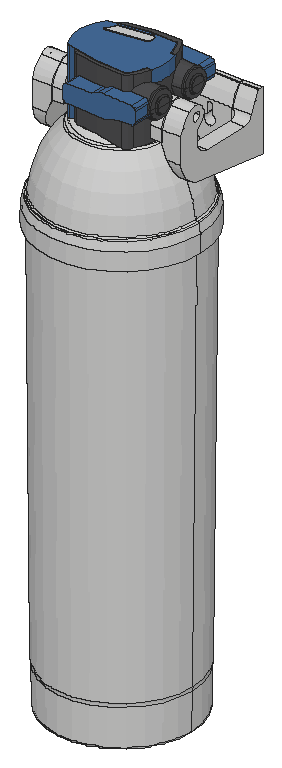
Revit family "DefaultType", category Specialty Equipment, Revit 2018
Family settings
  Round Connector Dimension = Use Diameter
  Part Type = Normal
  OmniClass Number = 23.40.40.14.24
  OmniClass Title = Food Dispensing Equipment
  Work Plane-Based = No
  Always vertical = Yes
  Cut with Voids When Loaded = No
  Shared = No
  Room Calculation Point = No
Parameters (values of type "DefaultType")
  Width = 0' - 5 55/64"  # constant formula
  Weight in Pounds = 10.14
  Wall Bracket Location [instance] = if(Wall Bracket, 0' 0 15/16", 0' 0")  # 0' - 0 15/16"
  Wall Bracket [instance] = yes
  URL Cutsheet = "www.vivreauwater.com/purity_c_quell_st_spec-sheet"
  URL = "www.vivreauwater.com/professional-filters"
  Status = ""
  Specification by User [instance] = ""
  Specification by Manufacturer = "Purity C Quell ST 500 water filtration kit, includes filter head, mount and filter cartridge. Capacity of 1796 gallons for coffee, espresso, vending.   Max operating pressure 125 psi, water intake temp 39-86 degrees Fahrenheit, Nominal flow (pressure loss at nominal flow) 100 I/h 7.3 PSI.   Dimensions w/d/h with filter head 5.6/5.6/21.9in, weight dry/wet 10.1/15.2lbs,  connection G3/8”, position horizontal and vertical.  Technology, decarbonization.  Systematic filter system, pre-filter, carbonate hardness reduction, activated carbon filtration and fine filtration."
  Serial Number [instance] = ""
  Seismic Rating = ""
  SMACNA No = ""
  Revision Code = ""
  Plumbing Remarks = ""
  Plumbing Connection Type = "NPT"
  NAFEM Spec ID Number = ""
  Mounting Height [instance] = 3' - 0"
  Model = "PURITY C500 Quell ST"
  Masterspec = "Division 11"
  Manufacturer = "Vivreau"
  KCLRef = "KCL2C9,,771d8260-597c-45c0-9240-d511d8195fca,VI,PURITY C500 QUELL ST,637475599540000000,03d9c20a-06af-47e9-8f5d-10389a898645,25670977-c246-4a96-89ca-52331086d934"
  KCL SpecSheet URL = "http://kclweb.kclcad.com/imagehandler.ashx?kdoc=mfr_purity%20c_quell_st_specs&R=VI&M=PURITY%20C500%20QUELL%20ST&VC=7&TID=KCLWeb&T=doc"
  Item Number [instance] = ""
  Installed By [instance] = ""
  Identify Quantity as Lot = yes
  Height = 1' - 9 197/256"  # constant formula
  Furnished By [instance] = ""
  Foodservice Equipment Identifier = yes
  Description = "Water Filter"
  Depth = 0' - 5 221/256"  # constant formula
  Cold Water Temperature Recommended = 40 °F
  Cold Water Size = 1/2"
  Cold Water RI Height = 0' - 0"
  Cold Water Minimum Pressure = 29.00 psi
  Cold Water Maximum Pressure = 124.00 psi
  Cold Water Flow = 0.440 GPM
  Cold Water Connection Height = 1' - 9"
  CSI MasterFormat = "11 46 00"
  Assembly Code = "E1090320"
Reference planes (in)
  plane 1 "BACK": y = 0
  plane 2 "REF. LAYER": z = 0
  plane 3 "Center (Left/Right)": x = 2.125
  plane 4 "Center (Front/Back)": y = -2.125
  plane 5 "Center (Bottom/Top)": z = 47.29316
  plane 6 "Center F/C": z = 57.76953
  plane 7 "Center F/G": z = 55.95224
  plane 8 "Center F/I": z = 56.86797
  plane 9 "Center F/J": x = 4.31004
  plane 10 "Center F/K": y = 0.9375
  plane 11 "Center F/S": z = 36
  plane 12 "Center F/T": x = -0.80556
  plane 13 "Center F/U": x = 5.05382
  plane 14 "Center F/V": y = -5.05612
  plane 15 "Center F/W": y = 0.80717
Forms (in)
  Revolve 1, solid, material "QF_Plastic-Grey-Vivreau"
    sketch origin (0, -2.125, 0) x (1, 0, 0) y (0, 0, 1)
      loop
        arc (2.12444, 36.23045) -> (3.38956, 36.25642) -> (4.59798, 36.63181) r 4.52345
        line (4.59798, 36.63181) -> (4.59798, 36.02069)
        arc (4.59798, 36.02069) -> (4.60404, 36.00606) -> (4.61867, 36) r 0.02069
        line (4.61867, 36) -> (4.70235, 36)
        arc (4.70235, 36) -> (4.71703, 36.00604) -> (4.7232, 36.02067) r 0.02085
        line (4.7232, 36.02067) -> (4.73499, 37.37156)
        arc (4.73499, 37.37156) -> (4.74215, 37.44281) -> (4.76216, 37.51157) r 0.39196
        line (4.76216, 37.51157) -> (4.88652, 51.95047) -> (5.05382, 51.95047) -> (5.04822, 52.59214) -> (4.96637, 52.8976)
        arc (4.96637, 52.8976) -> (4.95231, 52.91865) -> (4.92834, 52.92678) r 0.03937
        line (4.92834, 52.92678) -> (4.89246, 52.92678)
        arc (4.89246, 52.92678) -> (4.86528, 52.93767) -> (4.85313, 52.96431) r 0.03937
        arc (4.85313, 52.96431) -> (4.53924, 54.20428) -> (3.80842, 55.25402) r 3.57005
        arc (3.80842, 55.25402) -> (3.78071, 55.28126) -> (3.75272, 55.30821) r 3.6804
        arc (3.75272, 55.30821) -> (3.71893, 55.3366) -> (3.68187, 55.36057) r 0.35433
        arc (3.68187, 55.36057) -> (3.5672, 55.42144) -> (3.44977, 55.47679) r 2.72835
        line (3.44977, 55.47679) -> (3.02328, 55.47679) -> (3.02328, 55.95224) -> (2.12444, 55.95224) -> (2.12444, 36.23045)
      axis (2.12444, 55.95224) -> (2.12444, 36)
    angle from 0 to 360
Lines and regions (in)
  symbolic lines
    curve 1: arc (-0.58802, -1.01552, 0) -> (2.12941, -5.05611, 0) -> (4.83467, -1.00736, 0) r 2.93112
    curve 2: arc (0.66677, 0.41764, 0) -> (0.46868, 0.29327, 0) -> (0.28114, 0.15351, 0) r 2.93112
    curve 3: arc (3.96719, 0.15486, 0) -> (3.78043, 0.29388, 0) -> (3.58323, 0.41764, 0) r 2.93112
Dimensions and locks (in)
  plane 4 "Center (Front/Back)" to plane 1 "BACK" = 0' - 2 1/8"
  plane 8 "Center F/I" to plane 7 "Center F/G" to plane 5 "Center (Bottom/Top)" to plane 11 "Center F/S" = 0' - 0.91573" locked, 0' - 8.65907" locked, 0' - 11.29316" locked
  "Wall Bracket Location": plane 1 "BACK" to plane 10 "Center F/K"
  "Height": plane 6 "Center F/C" to plane 11 "Center F/S"
  "Mounting Height": plane 11 "Center F/S" to plane 2 "REF. LAYER"
  "Depth": plane 15 "Center F/W" to plane 14 "Center F/V"
  "Width": plane 12 "Center F/T" to plane 13 "Center F/U"
  aligned and locked: level to plane 2 "REF. LAYER"
  aligned and locked: plane 10 "Center F/K" to nested 2
  aligned and locked: plane 4 "Center (Front/Back)" to nested 1
  aligned and locked: plane 7 "Center F/G" to Revolve 1 sketch curve
  aligned and locked: plane 11 "Center F/S" to Revolve 1 sketch curve
Automatic sketch dimensions
  Revolve 1 sketch curve to plane 3 "Center (Left/Right)" = 0' - 0.91066"
  Revolve 1 sketch curve to Revolve 1 sketch curve = 0' - 0.07695"
  Revolve 1 sketch curve to plane 3 "Center (Left/Right)" = 0' - 0.00056"  (x2)
  plane 3 "Center (Left/Right)" to Revolve 1 sketch curve = 0' - 0.22066"
  plane 3 "Center (Left/Right)" to Revolve 1 sketch curve = 0' - 0.54005"
  Revolve 1 sketch curve to plane 7 "Center F/G" = 0' - 0.47545"
  plane 3 "Center (Left/Right)" to Revolve 1 sketch curve = 0' - 0.89828"
  Revolve 1 sketch curve to Revolve 1 sketch curve = 0' - 0.42649"
  Revolve 1 sketch curve to Revolve 1 sketch curve = 0' - 0.05856"
  plane 9 "Center F/J" to Revolve 1 sketch curve = 0' - 0.28794"
  plane 11 "Center F/S" to Revolve 1 sketch curve = 0' - 0.02069"
  Revolve 1 sketch curve to Revolve 1 sketch curve = 0' - 0.08369"
  plane 11 "Center F/S" to Revolve 1 sketch curve = 0' - 0.02067"
  Revolve 1 sketch curve to Revolve 1 sketch curve = 0' - 0.02085"
  plane 9 "Center F/J" to Revolve 1 sketch curve = 0' - 0.42495"
  Revolve 1 sketch curve to Revolve 1 sketch curve = 0' - 0.02717"
  plane 13 "Center F/U" to Revolve 1 sketch curve = 0' - 0.16729"
  plane 13 "Center F/U" to Revolve 1 sketch curve = 0' - 0.16136"
  Revolve 1 sketch curve to Revolve 1 sketch curve = 0' - 0.03588"
  Revolve 1 sketch curve to Revolve 1 sketch curve = 0' - 0.03803"
  plane 13 "Center F/U" to Revolve 1 sketch curve = 0' - 0.0056"
  plane 13 "Center F/U" to Revolve 1 sketch curve = 0' - 0"
  Revolve 1 sketch curve to plane 13 "Center F/U" = 0' - 0.07312"
  plane 11 "Center F/S" to Revolve 1 sketch curve = 0' - 0.23045"
  Revolve 1 sketch curve to Revolve 1 sketch curve = 0' - 0.61112"
  Revolve 1 sketch curve to Revolve 1 sketch curve = 0' - 0.73632"
  Revolve 1 sketch curve to Revolve 1 sketch curve = 0' - 0.00344"
  Revolve 1 sketch curve to Revolve 1 sketch curve = 0' - 0.64166"
  Revolve 1 sketch curve to plane 7 "Center F/G" = 0' - 3.30897"
  Revolve 1 sketch curve to Revolve 1 sketch curve = 0' - 0.0791"
  Revolve 1 sketch curve to Revolve 1 sketch curve = 0' - 0.29528"
  Revolve 1 sketch curve to Revolve 1 sketch curve = 0' - 0.01019"
  Revolve 1 sketch curve to Revolve 1 sketch curve = 0' - 0.03937"
  Revolve 1 sketch curve to Revolve 1 sketch curve = 0' - 0.25946"
  Revolve 1 sketch curve to Revolve 1 sketch curve = 0' - 0.42514"
  Revolve 1 sketch curve to Revolve 1 sketch curve = 0' - 0"  (x3)
  Revolve 1 sketch curve to Revolve 1 sketch curve = 0' - 0.0557"
  Revolve 1 sketch curve to Revolve 1 sketch curve = 0' - 0.99634"
  Revolve 1 sketch curve to Revolve 1 sketch curve = 0' - 0 3/4"
  curve 1 to curve 2 = 0' - 0"  (x2)
  curve 1 to curve 3 = 0' - 0"  (x2)
  curve 2 to curve 3 = 0' - 0"  (x2)
  curve 1 to plane 3 "Center (Left/Right)" = 0' - 0"
  plane 4 "Center (Front/Back)" to curve 2 = 0' - 0"
  curve 2 to plane 1 "BACK" = 0' - 0.41764"
  curve 2 to plane 3 "Center (Left/Right)" = 0' - 1.45823"
  curve 2 to plane 1 "BACK" = 0' - 0.15351"
  plane 12 "Center F/T" to curve 1 = 0' - 0.21753"
  curve 3 to plane 9 "Center F/J" = 0' - 0.72681"
  curve 3 to plane 1 "BACK" = 0' - 0.15486"
  curve 3 to plane 9 "Center F/J" = 0' - 0.34285"
  plane 13 "Center F/U" to curve 1 = 0' - 0.21915"
  plane 1 "BACK" to curve 1 = 0' - 1.01552"
Nested families (in)
  nested 1: "QF_Vivreau_ Filter Head_C500" at (0.56167, -0.22503, 0), Mounting Height <- "Mounting Height", type "QF_Vivreau_ Filter Head_C500"
    with Specification by User "", Serial Number "", Mounting Height 3' - 0", Installed By "", Furnished By ""
  nested 2: "QF_Vivreau_Wall Bracket_C500" at (-0.61927, 0.9375, 0), Mounting Height <- "Mounting Height", visible <- "Wall Bracket", type "QF_Vivreau_Wall Bracket_C500"
    with Specification by User "", Serial Number "", Mounting Height 3' - 0", Installed By "", Furnished By ""
Connectors (in)
  piping at (4.31004, -2.9124, 56.91406), diameter 0.5, driven by "Cold Water Size", driven by "Cold Water Flow"
    settings: on nested 1, index 1, connector inside diameter 24", connector length 0' - 0", flow factor 0, pipe flow 0.440 GPM, pressure drop 0.00 psi, fitting loss kfactor 0, connector angle 0.00°, fixture units 0, engagement length 0' - 0", angle of deflection 0.00°, flow configuration 1, flow direction 1, fitting loss method 0, system type 20, joint type 0, gender type 0, connector reference index -1, connector utility 0, adjustable connector no, is connector primary yes, connector description "Cold Water"
Definition of nested family "QF_Vivreau_ Filter Head_C500"
  Parameters (values of type "QF_Vivreau_ Filter Head_C500")
    Width = 3' - 0"
    Weight in Pounds = 0
    URL Cutsheet = ""
    Status = ""
    Specification by User [instance] = ""
    Specification by Manufacturer = ""
    Serial Number [instance] = ""
    Seismic Rating = ""
    SMACNA No = ""
    Revision Code = ""
    NAFEM Spec ID Number = ""
    Mounting Height [instance] = 3' - 0"
    Masterspec = ""
    Installed By [instance] = ""
    Identify Quantity as Lot = yes
    Height = 3' - 0"
    Furnished By [instance] = ""
    Foodservice Equipment Identifier = yes
    Depth = 3' - 0"
    CSI MasterFormat = ""
  Reference planes (in)
    plane 1 "BACK": y = 0
    plane 2 "REF. LAYER": z = 0
    plane 3 "LEFT": x = 0
    plane 4 "Center F/C": x = 3.74837
    plane 5 "Center F/D": y = -3.83618
    plane 6 "Center F/E": z = 56.91406
    plane 7 "Center F/F": z = 57.76895
    plane 8 "Center F/G": z = 55.34513
    plane 9 "Center F/H": z = 56.44072
    plane 10 "Center F/I": z = 57.26882
    plane 11 "Center F/J": y = -1.89997
    plane 12 "Center F/P": z = 36
    plane 13 "Center F/Q": z = 57.62614
  Forms (in)
    Extrusion 1, solid
      sketch origin (-0.56167, 0.22503, 0) x (1, 0, 0) y (0, 1, 0)
        loop
          arc (3.17939, -3.30146) -> (3.22697, -3.28602) -> (3.25911, -3.24769) r 0.09059
          arc (3.25911, -3.24769) -> (3.55796, -2.125) -> (3.25911, -1.00231) r 2.25819
          arc (3.25911, -1.00231) -> (3.22697, -0.96398) -> (3.17939, -0.94854) r 0.09059
          arc (3.17939, -0.94854) -> (2.02567, -0.99526) -> (0.89165, -1.21272) r 7.75678
          arc (0.89165, -1.21272) -> (0.86179, -1.21999) -> (0.83702, -1.2382) r 0.07824
          arc (0.83702, -1.2382) -> (0.56167, -2.125) -> (0.83702, -3.0118) r 1.56569
          arc (0.83702, -3.0118) -> (0.86179, -3.03001) -> (0.89165, -3.03728) r 0.07824
          arc (0.89165, -3.03728) -> (2.02567, -3.25474) -> (3.17939, -3.30146) r 7.75678
      from 55.34513 to 57.76895
    Revolve 2, solid
      sketch origin (-16.04659, -180, 56.91406) x (-1, 0, 0) y (0, -1, 0)
        loop
          line (-19.59812, -178.88743) -> (-18.72075, -178.88743) -> (-18.7668, -178.36111) -> (-19.59812, -178.37562) -> (-19.59812, -178.88743)
        axis (-18.72075, -178.88743) -> (-19.59812, -178.88743)
      angle from 0 to 360
    Revolve 3, solid
      sketch origin (-16.04659, -180, 56.91406) x (-1, 0, 0) y (0, -1, 0)
        loop
          line (-19.59812, -177.31262) -> (-18.72075, -177.31262) -> (-18.7668, -176.7863) -> (-19.59812, -176.80081) -> (-19.59812, -177.31262)
        axis (-18.72075, -177.31262) -> (-19.59812, -177.31262)
      angle from 0 to 360
    Extrusion 4, void
      sketch origin (-0.56167, 0.22503, 0) x (0, 1, 0) y (0, 0, 1)
        loop
          circle (-2.125, 56.38257) r 0.20757
      from 3.17075 to 3.70744
    Extrusion 5, void
      sketch origin (-2.8954, 0.22503, 0) x (0, 1, 0) y (0, 0, 1)
        loop
          circle (-2.125, 56.38257) r 0.20757
      from 2.77402 to 3.28855
    Revolve 6, solid
      sketch origin (-16.04659, -180, 56.91406) x (-1, 0, 0) y (0, -1, 0)
        loop
          line (-19.59812, -178.88743) -> (-19.59812, -178.41499) -> (-19.69654, -178.41499) -> (-19.69654, -178.58034) -> (-19.73591, -178.58379) -> (-19.73591, -178.63349) -> (-19.79497, -178.63349) -> (-19.79497, -178.88743) -> (-19.59812, -178.88743)
        axis (-19.59812, -178.88743) -> (-19.79497, -178.88743)
      angle from 0 to 360
    Revolve 7, solid
      sketch origin (-16.04659, -180, 56.91406) x (-1, 0, 0) y (0, -1, 0)
        loop
          line (-19.59812, -177.31262) -> (-19.59812, -176.84018) -> (-19.69654, -176.84018) -> (-19.69654, -177.00554) -> (-19.73591, -177.00898) -> (-19.73591, -177.05869) -> (-19.79497, -177.05869) -> (-19.79497, -177.31262) -> (-19.59812, -177.31262)
        axis (-19.59812, -177.31262) -> (-19.79497, -177.31262)
      angle from 0 to 360
    Extrusion 8, solid
      sketch origin (0, 0, 0) x (0, 1, 0) y (0, 0, 1)
        loop
          circle (-1.89997, 56.38257) r 0.20757
        loop
          circle (-1.89997, 56.38257) r 0.14507
      from 2.60908 to 3.01441
    Extrusion 9, solid
      sketch origin (-2.62125, 0, 0) x (0, 1, 0) y (0, 0, 1)
        loop
          circle (-1.89997, 56.38257) r 0.20757
        loop
          circle (-1.89997, 56.38257) r 0.14507
      from 2.60908 to 3.01441
    Extrusion 10, solid
      sketch origin (0, 0, 17.66797) x (1, 0, 0) y (0, 1, 0)
        loop
          arc (2.61773, -0.72352) -> (2.65703, -0.73399) -> (2.68778, -0.7606) r 0.09059
          arc (2.68778, -0.7606) -> (2.99629, -1.89997) -> (2.68778, -3.03935) r 2.25819
          arc (2.68778, -3.03935) -> (2.65703, -3.06596) -> (2.61773, -3.07643) r 0.09059
          arc (2.61773, -3.07643) -> (1.60555, -3.04475) -> (0.60613, -2.88147) r 7.75678
          arc (0.60613, -2.88147) -> (0.72009, -2.98959) -> (0.8462, -3.08325) r 1.30616
          arc (0.8462, -3.08325) -> (1.72654, -3.2138) -> (2.6163, -3.23254) r 7.05821
          arc (2.6163, -3.23254) -> (2.77551, -3.16312) -> (2.87152, -3.01839) r 0.30684
          arc (2.87152, -3.01839) -> (3.18694, -1.89997) -> (2.87152, -0.78156) r 2.14057
          arc (2.87152, -0.78156) -> (2.77551, -0.63683) -> (2.6163, -0.5674) r 0.30684
          arc (2.6163, -0.5674) -> (1.72654, -0.58614) -> (0.8462, -0.7167) r 7.05821
          arc (0.8462, -0.7167) -> (0.72009, -0.81036) -> (0.60613, -0.91847) r 1.30616
          arc (0.60613, -0.91847) -> (1.60555, -0.7552) -> (2.61773, -0.72352) r 7.75678
      from 37.67716 to 40.10098
    Extrusion 11, void
      sketch origin (0, 0, 17.66797) x (1, 0, 0) y (0, 1, 0)
        loop
          arc (2.92876, -1.35185) -> (2.99629, -1.89997) -> (2.92876, -2.4481) r 2.25819
          line (2.92876, -2.4481) -> (3.11557, -2.4481)
          arc (3.11557, -2.4481) -> (3.18694, -1.89997) -> (3.11557, -1.35185) r 2.14057
          line (3.11557, -1.35185) -> (2.92876, -1.35185)
      from 40.10098 to 39.60085
    Extrusion 12, solid
      sketch origin (0, 0, 14.25781) x (1, 0, 0) y (0, 1, 0)
        loop
          arc (0.70049, -1.02146) -> (0.59462, -1.21203) -> (0.51669, -1.41563) r 1.54109
          arc (0.51669, -1.41563) -> (0.54, -1.44367) -> (0.57618, -1.44818) r 0.04958
          arc (0.57618, -1.44818) -> (1.21574, -1.31536) -> (1.86503, -1.24405) r 6.85047
          arc (1.86503, -1.24405) -> (2.03249, -1.03201) -> (1.82552, -0.85833) r 0.19395
          arc (1.82552, -0.85833) -> (1.26009, -0.91975) -> (0.70049, -1.02146) r 7.94315
      from 43.36833 to 43.51113
    Extrusion 13, solid
      sketch origin (0, 0, 17.66797) x (1, 0, 0) y (0, 1, 0)
        loop
          arc (3.11557, -2.4481) -> (3.18694, -1.89997) -> (3.11557, -1.35185) r 2.14057
          line (3.11557, -1.35185) -> (2.92876, -1.35185)
          arc (2.92876, -1.35185) -> (2.99629, -1.89997) -> (2.92876, -2.4481) r 2.25819
          line (2.92876, -2.4481) -> (3.11557, -2.4481)
      from 39.60085 to 40.10098
    Extrusion 14, void
      sketch origin (0, 0, 14.75) x (1, 0, 0) y (0, 1, 0)
        loop
          arc (0.57618, -1.44818) -> (1.21574, -1.31536) -> (1.86503, -1.24405) r 6.85047
          arc (1.86503, -1.24405) -> (2.03249, -1.03201) -> (1.82552, -0.85833) r 0.19395
          arc (1.82552, -0.85833) -> (1.26009, -0.91975) -> (0.70049, -1.02146) r 7.94315
          arc (0.70049, -1.02146) -> (0.59462, -1.21203) -> (0.51669, -1.41563) r 1.54109
          arc (0.51669, -1.41563) -> (0.54, -1.44367) -> (0.57618, -1.44818) r 0.04958
      from 42.87614 to 43.01895
  Cuts and joins
    Extrusion 4, Extrusion 5, Extrusion 14 cuts Extrusion 1
    joined: Extrusion 1, Extrusion 13
    Extrusion 11 cuts Extrusion 10
  Lines and regions (in)
    symbolic lines
      curve 1: arc (0.32999, -2.81225, 0) -> (1.464, -3.02972, 0) -> (2.61773, -3.07643, 0) r 7.75678
      curve 2: arc (2.61773, -3.07643, 0) -> (2.6653, -3.061, 0) -> (2.69744, -3.02266, 0) r 0.09059
      curve 3: arc (2.69744, -3.02266, 0) -> (2.99629, -1.89997, 0) -> (2.69744, -0.77728, 0) r 2.25819
      curve 4: arc (2.69744, -0.77728, 0) -> (2.6653, -0.73895, 0) -> (2.61773, -0.72352, 0) r 0.09059
      curve 5: arc (2.61773, -0.72352, 0) -> (1.464, -0.77023, 0) -> (0.32999, -0.9877, 0) r 7.75678
      curve 6: arc (0.32999, -0.9877, 0) -> (0.30012, -0.99496, 0) -> (0.27535, -1.01317, 0) r 0.07824
      curve 7: arc (0.27535, -1.01317, 0) -> (0, -1.89997, 0) -> (0.27535, -2.78678, 0) r 1.56569
      curve 8: arc (0.27535, -2.78678, 0) -> (0.30012, -2.80499, 0) -> (0.32999, -2.81225, 0) r 0.07824
      curve 9: line (3.74837, -2.94131, 0) -> (3.68932, -2.94131, 0)
      curve 10: arc (0.85161, -0.6986, 0) -> (0.82653, -0.78661, 0) -> (0.80424, -0.87538, 0) r 2.89017
      curve 11: arc (0.85161, -0.6986, 0) -> (0.87512, -0.61425, 0) -> (0.90582, -0.53225, 0) r 1.0142
      curve 12: arc (0.90582, -0.53225, 0) -> (0.95826, -0.37458, 0) -> (1.01402, -0.21806, 0) r 7.87402
      curve 13: arc (1.01402, -0.21806, 0) -> (1.03304, -0.19156, 0) -> (1.06321, -0.17918, 0) r 0.05912
      curve 14: arc (1.06321, -0.17918, 0) -> (2.22788, -0.07327, 0) -> (3.39529, -0.1428, 0) r 7.79531
      curve 15: arc (3.39529, -0.1428, 0) -> (3.42859, -0.1583, 0) -> (3.44724, -0.18996, 0) r 0.0619
      curve 16: arc (3.44724, -0.18996, 0) -> (3.48188, -0.39473, 0) -> (3.50801, -0.60076, 0) r 5.02104
      curve 17: line (3.64995, -0.64013, 0) -> (3.55152, -0.64013, 0)
      curve 18: line (3.55152, -0.64013, 0) -> (3.55152, -0.60076, 0)
      curve 19: line (3.55152, -0.60076, 0) -> (3.50801, -0.60076, 0)
      curve 20: line (3.55152, -0.64013, 0) -> (3.55152, -1.62438, 0)
      curve 21: line (3.55152, -1.62438, 0) -> (2.98062, -1.63435, 0)
      curve 22: line (3.64995, -1.58501, 0) -> (3.55152, -1.58501, 0)
      curve 23: line (3.64995, -1.58501, 0) -> (3.64995, -0.64013, 0)
      curve 24: line (3.68932, -1.41621, 0) -> (3.64995, -1.41966, 0)
      curve 25: line (3.68932, -1.41621, 0) -> (3.68932, -0.80849, 0)
      curve 26: line (3.74837, -0.85864, 0) -> (3.68932, -0.85864, 0)
      curve 27: line (3.74837, -0.85864, 0) -> (3.74837, -1.36651, 0)
      curve 28: line (3.74837, -1.36651, 0) -> (3.68932, -1.36651, 0)
      curve 29: line (3.64995, -3.15982, 0) -> (3.55152, -3.15982, 0)
      curve 30: line (3.55152, -3.15982, 0) -> (3.55152, -3.19919, 0)
      curve 31: line (3.55152, -3.19919, 0) -> (3.50801, -3.19919, 0)
      curve 32: line (3.55152, -3.15982, 0) -> (3.55152, -2.17556, 0)
      curve 33: line (3.64995, -2.21493, 0) -> (3.55152, -2.21493, 0)
      curve 34: line (3.64995, -2.21493, 0) -> (3.64995, -3.15982, 0)
      curve 35: line (3.68932, -2.38373, 0) -> (3.64995, -2.38029, 0)
      curve 36: line (3.68932, -2.38373, 0) -> (3.68932, -2.99146, 0)
      curve 37: line (3.74837, -2.94131, 0) -> (3.68932, -2.94131, 0)
      curve 38: line (3.74837, -2.94131, 0) -> (3.74837, -2.43344, 0)
      curve 39: line (3.74837, -2.43344, 0) -> (3.68932, -2.43344, 0)
      curve 40: arc (0.85161, -3.10135, 0) -> (0.82653, -3.01334, 0) -> (0.80424, -2.92457, 0) r 2.89017
      curve 41: arc (0.85161, -3.10135, 0) -> (0.87512, -3.1857, 0) -> (0.90582, -3.2677, 0) r 1.0142
      curve 42: arc (0.90582, -3.2677, 0) -> (0.95826, -3.42537, 0) -> (1.01402, -3.58189, 0) r 7.87402
      curve 43: arc (1.01402, -3.58189, 0) -> (1.03304, -3.60839, 0) -> (1.06321, -3.62077, 0) r 0.05912
      curve 44: arc (1.06321, -3.62077, 0) -> (2.22788, -3.72667, 0) -> (3.39529, -3.65715, 0) r 7.79531
      curve 45: arc (3.39529, -3.65715, 0) -> (3.42859, -3.64164, 0) -> (3.44724, -3.60999, 0) r 0.0619
      curve 46: arc (3.44724, -3.60999, 0) -> (3.48188, -3.40522, 0) -> (3.50801, -3.19919, 0) r 5.02104
      curve 47: line (3.55152, -3.15982, 0) -> (3.55152, -3.19919, 0)
      curve 48: line (3.55152, -3.19919, 0) -> (3.50801, -3.19919, 0)
      curve 49: line (3.55152, -3.15982, 0) -> (3.55152, -2.17556, 0)
      curve 50: line (3.55152, -2.17556, 0) -> (2.98062, -2.1656, 0)
      curve 51: line (0, 0, 0) -> (3.74837, 0, 0)
      curve 52: line (0, -1.89997, 0) -> (2.99629, -1.89997, 0)
      curve 53: line (3.64995, -0.80549, 0) -> (3.68932, -0.80849, 0)
      curve 54: line (3.64995, -2.99446, 0) -> (3.68932, -2.99146, 0)
  Dimensions and locks (in)
    plane 7 "Center F/F" to plane 10 "Center F/I" to plane 6 "Center F/E" to plane 9 "Center F/H" to plane 8 "Center F/G" = 0' - 0.50013" locked, 0' - 0.35475" locked, 0' - 0.47334" locked, 0' - 1.09559" locked
    plane 5 "Center F/D" to plane 11 "Center F/J" to plane 1 "BACK" = 0' - 1.93621" locked, 0' - 1.89997" locked
    locked: plane 6 "Center F/E" to nested 1 at 0.05953
    locked: plane 8 "Center F/G" to plane 12 "Center F/P" at 19.34513
    "Mounting Height": plane 12 "Center F/P" to plane 2 "REF. LAYER"
    locked: plane 7 "Center F/F" to plane 13 "Center F/Q" at 0.14281
    aligned and locked: level to plane 2 "REF. LAYER"
    aligned and locked: plane 7 "Center F/F" to cut or joined group of Extrusion 1, Extrusion 4, Extrusion 5, Extrusion 13, Extrusion 14
    aligned and locked: cut or joined group of Extrusion 1, Extrusion 4, Extrusion 5, Extrusion 13, Extrusion 14 to plane 8 "Center F/G"
    aligned and locked: nested 1 to plane 11 "Center F/J"
    aligned and locked: plane 11 "Center F/J" to nested 1
    aligned and locked: Extrusion 10 to plane 8 "Center F/G"
    aligned and locked: plane 7 "Center F/F" to Extrusion 10
    aligned and locked: Extrusion 13 to plane 10 "Center F/I"
    aligned and locked: Extrusion 11 to plane 7 "Center F/F"
    aligned and locked: Extrusion 11 to plane 10 "Center F/I"
    aligned and locked: plane 7 "Center F/F" to Extrusion 13
    aligned and locked: Extrusion 12 to plane 13 "Center F/Q"
    aligned and locked: plane 7 "Center F/F" to Extrusion 12
    aligned and locked: Extrusion 14 to plane 13 "Center F/Q"
    aligned and locked: plane 7 "Center F/F" to Extrusion 14
  Automatic sketch dimensions
    curve 51 to level = 0' - 0"
    curve 51 to plane 3 "LEFT" = 0' - 0"
    curve 51 to plane 4 "Center F/C" = 0' - 0"
    curve 52 to plane 3 "LEFT" = 0' - 0"
    plane 11 "Center F/J" to curve 3 = 0' - 0"
    plane 11 "Center F/J" to curve 7 = 0' - 0"
    plane 11 "Center F/J" to curve 52 = 0' - 0"
    curve 39 to plane 4 "Center F/C" = 0' - 0"
    curve 28 to plane 4 "Center F/C" = 0' - 0"
    curve 16 to plane 3 "LEFT" = 0' - 1.48511"
    curve 46 to plane 3 "LEFT" = 0' - 1.48511"
    plane 3 "LEFT" to curve 8 = 0' - 0.33318"
    plane 3 "LEFT" to curve 6 = 0' - 0.33318"
    plane 3 "LEFT" to curve 3 = 0' - 0.7381"
    plane 1 "BACK" to curve 13 = 0' - 0.23795"
    plane 3 "LEFT" to curve 13 = 0' - 1.0697"
    curve 43 to plane 5 "Center F/D" = 0' - 0.27418"
    plane 3 "LEFT" to curve 43 = 0' - 1.0697"
    curve 3 to curve 7 = 0' - 0.82759"
    curve 7 to curve 11 = 0' - 0.27372"
    curve 7 to curve 41 = 0' - 0.27372"
    curve 14 to plane 4 "Center F/C" = 0' - 1.39888"
    curve 44 to plane 4 "Center F/C" = 0' - 1.39888"
    curve 44 to curve 1 = 0' - 0.00431"
    curve 14 to curve 5 = 0' - 0.00431"
    curve 41 to curve 2 = 0' - 0.77523"
    curve 11 to curve 4 = 0' - 0.77523"
    plane 1 "BACK" to curve 15 = 0' - 0.20414"
    curve 15 to plane 4 "Center F/C" = 0' - 0.36139"
    curve 45 to plane 4 "Center F/C" = 0' - 0.36139"
    curve 48 to plane 4 "Center F/C" = 0' - 0.24036"
    curve 19 to plane 4 "Center F/C" = 0' - 0.24036"
    curve 16 to curve 19 = 0' - 0.04351"
    curve 31 to curve 48 = 0' - 0.04351"
    curve 22 to curve 10 = 0' - 0.0667"
    curve 33 to curve 40 = 0' - 0.0667"
    curve 17 to curve 17 = 0' - 0.09843"
    curve 29 to curve 34 = 0' - 0.09843"
    curve 24 to curve 25 = 0' - 0.03937"
    curve 35 to curve 35 = 0' - 0.03937"
    plane 1 "BACK" to curve 42 = 0' - 0.86161"
    plane 4 "Center F/C" to curve 42 = 0' - 4.65484"
    curve 12 to plane 5 "Center F/D" = 0' - 0.89785"
    curve 12 to curve 42 = 0' - 0"
    curve 45 to plane 5 "Center F/D" = 0' - 0.24037"
    plane 5 "Center F/D" to curve 14 = 0' - 4.03145"
    curve 5 to curve 14 = 0' - 0.60817"
    curve 45 to curve 47 = 0' - 0.39662"
    curve 30 to curve 34 = 0' - 0.03937"
    curve 29 to curve 36 = 0' - 0.16836"
    curve 2 to plane 5 "Center F/D" = 0' - 0.85029"
    curve 36 to curve 9 = 0' - 0.05014"
    curve 2 to curve 41 = 0' - 0.11446"
    plane 11 "Center F/J" to curve 8 = 0' - 0.8341"
    plane 11 "Center F/J" to curve 46 = 0' - 0.77047"
    curve 9 to curve 39 = 0' - 0.50787"
    curve 39 to curve 36 = 0' - 0.04971"
    curve 35 to curve 40 = 0' - 0.11843"
    curve 40 to curve 34 = 0' - 0.05037"
    curve 33 to curve 49 = 0' - 0.03937"
    curve 21 to plane 11 "Center F/J" = 0' - 0.27559"
    curve 20 to curve 22 = 0' - 0.03937"
    curve 22 to curve 10 = 0' - 0.05037"
    curve 10 to curve 24 = 0' - 0.11843"
    curve 24 to curve 27 = 0' - 0.04971"
    curve 16 to plane 11 "Center F/J" = 0' - 0.77047"
    curve 6 to plane 11 "Center F/J" = 0' - 0.8341"
    plane 1 "BACK" to curve 11 = 0' - 0.92852"
    curve 27 to curve 26 = 0' - 0.50787"
    curve 11 to curve 4 = 0' - 0.11446"
    curve 26 to curve 25 = 0' - 0.05014"
    curve 25 to curve 17 = 0' - 0.16836"
    curve 17 to curve 19 = 0' - 0.03937"
    curve 44 to plane 1 "BACK" = 0' - 4.06768"
    curve 44 to curve 1 = 0' - 0.60817"
    curve 8 to curve 8 = 0' - 0.05783"
    curve 6 to curve 6 = 0' - 0.05783"
    curve 7 to curve 6 = 0' - 0.05464"
    curve 8 to curve 8 = 0' - 0.05464"
    curve 8 to curve 40 = 0' - 0.47425"
    curve 5 to curve 10 = 0' - 0.47425"
    curve 40 to curve 40 = 0' - 0.04737"
    curve 10 to curve 10 = 0' - 0.04737"
    curve 10 to curve 11 = 0' - 0.05421"
    curve 41 to curve 41 = 0' - 0.05421"
    curve 43 to curve 43 = 0' - 0.05568"
    curve 12 to curve 13 = 0' - 0.05568"
    curve 43 to curve 43 = 0' - 0.00649"
    curve 13 to curve 13 = 0' - 0.00649"
    curve 4 to curve 5 = 0' - 0"
    curve 2 to curve 1 = 0' - 0"
    curve 2 to curve 2 = 0' - 0.08279"
    curve 21 to plane 11 "Center F/J" = 0' - 0 17/64"
    plane 11 "Center F/J" to curve 50 = 0' - 0 17/64"
    curve 15 to curve 14 = 0' - 0"
    curve 45 to curve 44 = 0' - 0"
    curve 54 to curve 36 = 0' - 0.00301"
    curve 35 to curve 35 = 0' - 0.00344"
    curve 24 to curve 24 = 0' - 0.00344"
    curve 25 to curve 53 = 0' - 0.00301"
    plane 11 "Center F/J" to Extrusion 1 sketch curve = 0' - 0"  (x2)
    plane 3 "LEFT" to Extrusion 1 sketch curve = 0' - 0.33318"  (x2)
    plane 3 "LEFT" to Extrusion 1 sketch curve = 0' - 0.7381"
    Extrusion 1 sketch curve to Extrusion 1 sketch curve = 0' - 0.82759"
    Extrusion 1 sketch curve to plane 4 "Center F/C" = 0' - 1.39457"  (x2)
    Extrusion 1 sketch curve to plane 4 "Center F/C" = 0' - 1.13373"  (x2)
    plane 11 "Center F/J" to Extrusion 1 sketch curve = 0' - 0.8341"
    Extrusion 1 sketch curve to plane 5 "Center F/D" = 0' - 0.85029"
    plane 5 "Center F/D" to Extrusion 1 sketch curve = 0' - 4.63962"
    Extrusion 1 sketch curve to plane 11 "Center F/J" = 0' - 0.8341"
    plane 1 "BACK" to Extrusion 1 sketch curve = 0' - 0.81406"
    Extrusion 1 sketch curve to plane 1 "BACK" = 0' - 4.67585"
    Extrusion 1 sketch curve to Extrusion 1 sketch curve = 0' - 0.0032"  (x2)
    Extrusion 1 sketch curve to Extrusion 1 sketch curve = 0' - 0.05464"  (x2)
    Extrusion 1 sketch curve to Extrusion 1 sketch curve = 0' - 0.00308"  (x2)
    Extrusion 1 sketch curve to Extrusion 1 sketch curve = 0' - 0"
    Extrusion 1 sketch curve to Extrusion 1 sketch curve = 0' - 0.08279"
    Revolve 2 sketch curve to plane 4 "Center F/C" = 0' - 0.19685"
    Revolve 2 sketch curve to plane 11 "Center F/J" = 0' - 0.26108"
    Revolve 2 sketch curve to Revolve 2 sketch curve = 0' - 0.83132"
    Revolve 2 sketch curve to Revolve 2 sketch curve = 0' - 0.04605"
    Revolve 2 sketch curve to plane 11 "Center F/J" = 0' - 0.27559"
    Revolve 2 sketch curve to Revolve 2 sketch curve = 0' - 0.52632"
    Revolve 2 sketch curve to Revolve 2 sketch curve = 0' - 0"  (x3)
    Revolve 3 sketch curve to plane 4 "Center F/C" = 0' - 0.19685"
    Revolve 3 sketch curve to Revolve 3 sketch curve = 0' - 0.83132"
    Revolve 3 sketch curve to Revolve 3 sketch curve = 0' - 0.04605"
    plane 11 "Center F/J" to Revolve 3 sketch curve = 0' - 0.7874"
    Revolve 3 sketch curve to Revolve 3 sketch curve = 0' - 0.51181"
    Revolve 3 sketch curve to Revolve 3 sketch curve = 0' - 0.52632"
    Revolve 3 sketch curve to Revolve 3 sketch curve = 0' - 0"  (x3)
    Extrusion 4 sketch curve to plane 11 "Center F/J" = 0' - 0"
    Extrusion 4 sketch curve to plane 9 "Center F/H" = 0' - 0.05816"
    Extrusion 5 sketch curve to plane 11 "Center F/J" = 0' - 0"
    Extrusion 5 sketch curve to plane 9 "Center F/H" = 0' - 0.05816"
    Revolve 6 sketch curve to plane 4 "Center F/C" = 0' - 0"
    Revolve 6 sketch curve to plane 4 "Center F/C" = 0' - 0.05906"
    Revolve 6 sketch curve to Revolve 6 sketch curve = 0' - 0.03937"
    Revolve 6 sketch curve to Revolve 6 sketch curve = 0' - 0.09843"
    Revolve 6 sketch curve to plane 11 "Center F/J" = 0' - 0.7874"
    Revolve 6 sketch curve to Revolve 6 sketch curve = 0' - 0.25394"
    Revolve 6 sketch curve to Revolve 6 sketch curve = 0' - 0.04971"
    Revolve 6 sketch curve to Revolve 6 sketch curve = 0' - 0.00344"
    Revolve 6 sketch curve to Revolve 6 sketch curve = 0' - 0.16535"
    Revolve 6 sketch curve to Revolve 6 sketch curve = 0' - 0.0902"
    Revolve 6 sketch curve to Revolve 6 sketch curve = 0' - 0"  (x2)
    Revolve 7 sketch curve to plane 4 "Center F/C" = 0' - 0"
    Revolve 7 sketch curve to plane 4 "Center F/C" = 0' - 0.05906"
    Revolve 7 sketch curve to Revolve 7 sketch curve = 0' - 0.03937"
    Revolve 7 sketch curve to Revolve 7 sketch curve = 0' - 0.09843"
    plane 11 "Center F/J" to Revolve 7 sketch curve = 0' - 0.7874"
    Revolve 7 sketch curve to Revolve 7 sketch curve = 0' - 0.25394"
    Revolve 7 sketch curve to Revolve 7 sketch curve = 0' - 0.04971"
    Revolve 7 sketch curve to Revolve 7 sketch curve = 0' - 0.00344"
    Revolve 7 sketch curve to Revolve 7 sketch curve = 0' - 0.16535"
    Revolve 7 sketch curve to Revolve 7 sketch curve = 0' - 0.0902"
    Revolve 7 sketch curve to Revolve 7 sketch curve = 0' - 0"  (x2)
    Extrusion 8 sketch curve to Extrusion 8 sketch curve = 0' - 0"  (x6)
    Extrusion 8 sketch curve to plane 11 "Center F/J" = 0' - 0"
    Extrusion 8 sketch curve to plane 9 "Center F/H" = 0' - 0.05816"
    plane 11 "Center F/J" to Extrusion 8 sketch curve = 0' - 0.14507"
    Extrusion 9 sketch curve to Extrusion 9 sketch curve = 0' - 0"  (x6)
    Extrusion 9 sketch curve to plane 11 "Center F/J" = 0' - 0"
    Extrusion 9 sketch curve to plane 9 "Center F/H" = 0' - 0.05816"
    plane 11 "Center F/J" to Extrusion 9 sketch curve = 0' - 0.14507"
    plane 11 "Center F/J" to Extrusion 10 sketch curve = 0' - 0"  (x2)
    plane 3 "LEFT" to Extrusion 10 sketch curve = 0' - 0.7381"
    Extrusion 10 sketch curve to Extrusion 10 sketch curve = 0' - 0.30827"
    plane 11 "Center F/J" to Extrusion 10 sketch curve = 0' - 0.08971"
    Extrusion 10 sketch curve to Extrusion 10 sketch curve = 0' - 0.5141"
    Extrusion 10 sketch curve to Extrusion 10 sketch curve = 0' - 0"  (x3)
    Extrusion 10 sketch curve to plane 4 "Center F/C" = 0' - 1.42862"  (x2)
    Extrusion 10 sketch curve to Extrusion 10 sketch curve = 0' - 0.03406"  (x2)
    Extrusion 10 sketch curve to plane 4 "Center F/C" = 0' - 1.1701"  (x2)
    Extrusion 10 sketch curve to Extrusion 10 sketch curve = 0' - 0.03637"  (x2)
    Extrusion 10 sketch curve to plane 5 "Center F/D" = 0' - 0.90812"
    Extrusion 10 sketch curve to Extrusion 10 sketch curve = 0' - 0.05782"  (x2)
    plane 5 "Center F/D" to Extrusion 10 sketch curve = 0' - 3.78319"
    Extrusion 10 sketch curve to Extrusion 10 sketch curve = 0' - 0.85642"  (x2)
    Extrusion 10 sketch curve to plane 11 "Center F/J" = 0' - 0.08971"
    plane 1 "BACK" to Extrusion 10 sketch curve = 0' - 0.87188"
    Extrusion 10 sketch curve to plane 1 "BACK" = 0' - 3.81943"
    plane 3 "LEFT" to Extrusion 10 sketch curve = 0' - 0.60613"  (x2)
    Extrusion 10 sketch curve to Extrusion 10 sketch curve = 0' - 0.24007"  (x2)
    Extrusion 10 sketch curve to Extrusion 10 sketch curve = 0' - 0.00166"  (x2)
    Extrusion 10 sketch curve to Extrusion 10 sketch curve = 0' - 0.00308"  (x2)
    Extrusion 10 sketch curve to Extrusion 10 sketch curve = 0' - 0.07006"
    Extrusion 10 sketch curve to Extrusion 10 sketch curve = 0' - 0.18374"
    plane 11 "Center F/J" to Extrusion 11 sketch curve = 0' - 0"  (x2)
    plane 3 "LEFT" to Extrusion 11 sketch curve = 0' - 0.7381"
    Extrusion 11 sketch curve to Extrusion 11 sketch curve = 0' - 0.30827"
    Extrusion 11 sketch curve to plane 4 "Center F/C" = 0' - 0.81961"
    Extrusion 11 sketch curve to plane 11 "Center F/J" = 0' - 0.54813"
    Extrusion 11 sketch curve to Extrusion 11 sketch curve = 0' - 0"
    Extrusion 11 sketch curve to Extrusion 11 sketch curve = 0' - 0.18681"
    plane 3 "LEFT" to Extrusion 12 sketch curve = 0' - 0.5638"
    Extrusion 12 sketch curve to Extrusion 12 sketch curve = 0' - 1.27575"
    Extrusion 12 sketch curve to plane 11 "Center F/J" = 0' - 0.03665"
    Extrusion 12 sketch curve to Extrusion 12 sketch curve = 0' - 0.15177"
    Extrusion 12 sketch curve to plane 4 "Center F/C" = 0' - 1.46099"
    Extrusion 12 sketch curve to Extrusion 12 sketch curve = 0' - 0.11254"
    plane 5 "Center F/D" to Extrusion 12 sketch curve = 0' - 4.2453"
    Extrusion 12 sketch curve to Extrusion 12 sketch curve = 0' - 0 179/256"
    Extrusion 12 sketch curve to plane 11 "Center F/J" = 0' - 0.4998"
    Extrusion 12 sketch curve to Extrusion 12 sketch curve = 0' - 0.81155"
    Extrusion 12 sketch curve to Extrusion 12 sketch curve = 0' - 0.04711"
    Extrusion 12 sketch curve to Extrusion 12 sketch curve = 0' - 0.01238"
    Extrusion 12 sketch curve to Extrusion 12 sketch curve = 0' - 0"  (x2)
    Extrusion 12 sketch curve to Extrusion 12 sketch curve = 0' - 0.13669"
    plane 11 "Center F/J" to Extrusion 13 sketch curve = 0' - 0"  (x2)
    plane 3 "LEFT" to Extrusion 13 sketch curve = 0' - 0.7381"
    Extrusion 13 sketch curve to Extrusion 13 sketch curve = 0' - 0.30827"
    Extrusion 13 sketch curve to plane 4 "Center F/C" = 0' - 0.81961"
    plane 11 "Center F/J" to Extrusion 13 sketch curve = 0' - 0.54813"
    Extrusion 13 sketch curve to Extrusion 13 sketch curve = 0' - 0"
    Extrusion 13 sketch curve to Extrusion 13 sketch curve = 0' - 0.18681"
    plane 3 "LEFT" to Extrusion 14 sketch curve = 0' - 0.5638"
    Extrusion 14 sketch curve to Extrusion 14 sketch curve = 0' - 1.27575"
    Extrusion 14 sketch curve to plane 11 "Center F/J" = 0' - 0.03665"
    Extrusion 14 sketch curve to Extrusion 14 sketch curve = 0' - 0.15177"
    Extrusion 14 sketch curve to plane 4 "Center F/C" = 0' - 1.46099"
    Extrusion 14 sketch curve to Extrusion 14 sketch curve = 0' - 0.11254"
    plane 5 "Center F/D" to Extrusion 14 sketch curve = 0' - 4.2453"
    Extrusion 14 sketch curve to Extrusion 14 sketch curve = 0' - 0 179/256"
    Extrusion 14 sketch curve to plane 11 "Center F/J" = 0' - 0.4998"
    Extrusion 14 sketch curve to Extrusion 14 sketch curve = 0' - 0.81155"
    Extrusion 14 sketch curve to Extrusion 14 sketch curve = 0' - 0.04711"
    Extrusion 14 sketch curve to Extrusion 14 sketch curve = 0' - 0.01238"
    Extrusion 14 sketch curve to Extrusion 14 sketch curve = 0' - 0"  (x2)
    Extrusion 14 sketch curve to Extrusion 14 sketch curve = 0' - 0.13669"
    radius of Extrusion 4 sketch curve = 0' - 0.20757"
    radius of Extrusion 5 sketch curve = 0' - 0.20757"
    radius of Extrusion 8 sketch curve = 0' - 0.20757"
    radius of Extrusion 9 sketch curve = 0' - 0.20757"
  Nested families (in)
    nested 1: "QF_Vivreau_Filter Handles" at (0, 0.00348, 56.44081), type "QF_Vivreau_Filter Handles"
      with Specification by User "", Serial Number "", Installed By "", Furnished By ""
  Definition of nested family "QF_Vivreau_Filter Handles"
    Parameters (values of type "QF_Vivreau_Filter Handles")
      Width = 3' - 0"
      Weight in Pounds = 0
      URL Cutsheet = ""
      Status = ""
      Specification by User [instance] = ""
      Specification by Manufacturer = ""
      Serial Number [instance] = ""
      Seismic Rating = ""
      SMACNA No = ""
      Revision Code = ""
      NAFEM Spec ID Number = ""
      Masterspec = ""
      Installed By [instance] = ""
      Identify Quantity as Lot = yes
      Height = 3' - 0"
      Furnished By [instance] = ""
      Foodservice Equipment Identifier = yes
      Depth = 3' - 0"
      CSI MasterFormat = ""
    Reference planes (in)
      plane 1 "BACK": y = 0
      plane 2 "REF. LAYER": z = 0
      plane 3 "LEFT": x = 0
      plane 4 "Center F/C": y = -3.80691
      plane 5 "Center F/D": y = -1.90346
      plane 6 "Center F/E": z = 0.82744
      plane 7 "Center F/G": z = 0.41372
    Forms (in)
      Extrusion 1, solid
        sketch origin (0, 0, 0.00057) x (1, 0, 0) y (0, 0, 1)
          loop
            arc (0.8571, 0.55383) -> (0.83682, 0.35511) -> (0.85692, 0.15637) r 0.98817
            arc (0.85692, 0.15637) -> (0.86589, 0.12276) -> (0.88395, 0.09303) r 0.12237
            arc (0.88395, 0.09303) -> (0.93471, 0.05225) -> (0.99753, 0.03515) r 0.15952
            arc (0.99753, 0.03515) -> (1.67538, 0.00582) -> (2.35383, -0.00057) r 20.04898
            arc (2.35383, -0.00057) -> (2.46018, 0.01423) -> (2.5591, 0.056) r 0.41198
            arc (2.5591, 0.056) -> (2.66038, 0.09965) -> (2.76926, 0.11724) r 0.44816
            arc (2.76926, 0.11724) -> (2.80698, 0.11798) -> (2.84471, 0.11743) r 1.0994
            arc (2.84471, 0.11743) -> (3.11065, 0.13237) -> (3.37687, 0.14075) r 10.80002
            arc (3.37687, 0.14075) -> (3.46417, 0.17008) -> (3.51799, 0.24481) r 0.15034
            arc (3.51799, 0.24481) -> (3.52598, 0.27307) -> (3.53184, 0.30184) r 0.39378
            arc (3.53184, 0.30184) -> (3.5372, 0.4622) -> (3.53184, 0.62256) r 2.40126
            arc (3.53184, 0.62256) -> (3.52497, 0.65354) -> (3.51681, 0.6842) r 0.75395
            arc (3.51681, 0.6842) -> (3.46404, 0.75745) -> (3.37897, 0.78767) r 0.1515
            line (3.37897, 0.78767) -> (2.35397, 0.82744)
            arc (2.35397, 0.82744) -> (2.24358, 0.81406) -> (2.14136, 0.77028) r 0.39277
            arc (2.14136, 0.77028) -> (2.03449, 0.72381) -> (1.91904, 0.70788) r 0.42817
            arc (1.91904, 0.70788) -> (1.45811, 0.69557) -> (0.99753, 0.67361) r 21.98526
            arc (0.99753, 0.67361) -> (0.93424, 0.65729) -> (0.88352, 0.61606) r 0.1531
            arc (0.88352, 0.61606) -> (0.86721, 0.58626) -> (0.8571, 0.55383) r 0.17143
        from 0.08356 to 0.9172
      Extrusion 2, solid
        sketch origin (0, -2.80616, 0.00057) x (1, 0, 0) y (0, 0, 1)
          loop
            arc (0.8571, 0.55383) -> (0.83682, 0.35511) -> (0.85692, 0.15637) r 0.98817
            arc (0.85692, 0.15637) -> (0.86589, 0.12276) -> (0.88395, 0.09303) r 0.12237
            arc (0.88395, 0.09303) -> (0.93471, 0.05225) -> (0.99753, 0.03515) r 0.15952
            arc (0.99753, 0.03515) -> (1.67538, 0.00582) -> (2.35383, -0.00057) r 20.04898
            arc (2.35383, -0.00057) -> (2.46018, 0.01423) -> (2.5591, 0.056) r 0.41198
            arc (2.5591, 0.056) -> (2.66038, 0.09965) -> (2.76926, 0.11724) r 0.44816
            arc (2.76926, 0.11724) -> (2.80698, 0.11798) -> (2.84471, 0.11743) r 1.0994
            arc (2.84471, 0.11743) -> (3.11065, 0.13237) -> (3.37687, 0.14075) r 10.80002
            arc (3.37687, 0.14075) -> (3.46417, 0.17008) -> (3.51799, 0.24481) r 0.15034
            arc (3.51799, 0.24481) -> (3.52598, 0.27307) -> (3.53184, 0.30184) r 0.39378
            arc (3.53184, 0.30184) -> (3.5372, 0.4622) -> (3.53184, 0.62256) r 2.40126
            arc (3.53184, 0.62256) -> (3.52497, 0.65354) -> (3.51681, 0.6842) r 0.75395
            arc (3.51681, 0.6842) -> (3.46404, 0.75745) -> (3.37897, 0.78767) r 0.1515
            line (3.37897, 0.78767) -> (2.35397, 0.82744)
            arc (2.35397, 0.82744) -> (2.24358, 0.81406) -> (2.14136, 0.77028) r 0.39277
            arc (2.14136, 0.77028) -> (2.03449, 0.72381) -> (1.91904, 0.70788) r 0.42817
            arc (1.91904, 0.70788) -> (1.45811, 0.69557) -> (0.99753, 0.67361) r 21.98526
            arc (0.99753, 0.67361) -> (0.93424, 0.65729) -> (0.88352, 0.61606) r 0.1531
            arc (0.88352, 0.61606) -> (0.86721, 0.58626) -> (0.8571, 0.55383) r 0.17143
        from 0.08356 to 0.9172
    Lines and regions (in)
      symbolic lines
        curve 1: line (1.75, -1.90346, 0) -> (3.5, -1.90346, 0)
        curve 2: line (0.83856, 0, 0.41372) -> (3.5367, 0, 0.41372)
    Dimensions and locks (in)
      locked: plane 6 "Center F/E" to plane 2 "REF. LAYER" at 0.82744
      equal spacing: plane 6 "Center F/E", plane 7 "Center F/G", plane 2 "REF. LAYER"
      aligned and locked: level to plane 2 "REF. LAYER"
    Automatic sketch dimensions
      curve 2 to plane 7 "Center F/G" = 0' - 0"
      plane 3 "LEFT" to curve 2 = 0' - 0.83856"
      curve 2 to curve 2 = 0' - 2.69814"
      curve 1 to plane 5 "Center F/D" = 0' - 0"
      plane 3 "LEFT" to curve 1 = 0' - 1 3/4"
      curve 1 to curve 1 = 0' - 1 3/4"
      Extrusion 1 sketch curve to level = 0' - 0"  (x2)
      level to Extrusion 1 sketch curve = 0' - 0.17134"
      plane 3 "LEFT" to Extrusion 1 sketch curve = 0' - 0.97844"
      plane 7 "Center F/G" to Extrusion 1 sketch curve = 0' - 0.10746"
      Extrusion 1 sketch curve to Extrusion 1 sketch curve = 0' - 0.02478"
      Extrusion 1 sketch curve to Extrusion 1 sketch curve = 0' - 0.02868"
      Extrusion 1 sketch curve to Extrusion 1 sketch curve = 0' - 0.02179"
      plane 7 "Center F/G" to Extrusion 1 sketch curve = 0' - 0.04905"
      Extrusion 1 sketch curve to Extrusion 1 sketch curve = 0' - 0.11092"
      Extrusion 1 sketch curve to plane 7 "Center F/G" = 0' - 0.05849"
      Extrusion 1 sketch curve to Extrusion 1 sketch curve = 0' - 0.68906"
      Extrusion 1 sketch curve to Extrusion 1 sketch curve = 0' - 0.09378"
      plane 3 "LEFT" to Extrusion 1 sketch curve = 0' - 2.20319"
      plane 3 "LEFT" to Extrusion 1 sketch curve = 0' - 2.27513"
      plane 7 "Center F/G" to Extrusion 1 sketch curve = 0' - 0.0216"
      Extrusion 1 sketch curve to Extrusion 1 sketch curve = 0' - 0.52056"
      Extrusion 1 sketch curve to plane 7 "Center F/G" = 0' - 0.00175"
      Extrusion 1 sketch curve to Extrusion 1 sketch curve = 0' - 0.00519"
      plane 6 "Center F/E" to Extrusion 1 sketch curve = 0' - 0.00057"
      Extrusion 1 sketch curve to Extrusion 1 sketch curve = 0' - 0.00842"
      Extrusion 1 sketch curve to Extrusion 1 sketch curve = 0' - 0.43503"
      plane 7 "Center F/G" to Extrusion 1 sketch curve = 0' - 0.06185"
      Extrusion 1 sketch curve to Extrusion 1 sketch curve = 0' - 0.44173"
      Extrusion 1 sketch curve to Extrusion 1 sketch curve = 0' - 0.02398"
      Extrusion 1 sketch curve to plane 7 "Center F/G" = 0' - 0.04717"
      Extrusion 1 sketch curve to Extrusion 1 sketch curve = 0' - 0.35084"
      Extrusion 1 sketch curve to Extrusion 1 sketch curve = 0' - 0.22978"
      Extrusion 1 sketch curve to Extrusion 1 sketch curve = 0' - 0.23163"
      Extrusion 1 sketch curve to plane 6 "Center F/E" = 0' - 0.0392"
      Extrusion 1 sketch curve to Extrusion 1 sketch curve = 0' - 0.00587"
      plane 3 "LEFT" to Extrusion 1 sketch curve = 0' - 3.58344"
      Extrusion 1 sketch curve to level = 0' - 0.33005"
      Extrusion 1 sketch curve to Extrusion 1 sketch curve = 0' - 0.6508"
      Extrusion 1 sketch curve to Extrusion 1 sketch curve = 0' - 9.67588"
      Extrusion 1 sketch curve to Extrusion 1 sketch curve = 0' - 10 79/128"
      Extrusion 1 sketch curve to Extrusion 1 sketch curve = 0' - 0.0236"
      Extrusion 1 sketch curve to plane 7 "Center F/G" = 0' - 0.12208"
      Extrusion 1 sketch curve to Extrusion 1 sketch curve = 0' - 0.00134"
      Extrusion 1 sketch curve to Extrusion 1 sketch curve = 0' - 0.15138"
      plane 6 "Center F/E" to Extrusion 1 sketch curve = 0' - 0.30918"
      Extrusion 1 sketch curve to Extrusion 1 sketch curve = 1' - 6.91181"
      level to Extrusion 1 sketch curve = 0' - 0.09359"
      Extrusion 1 sketch curve to Extrusion 1 sketch curve = 0' - 0"  (x5)
      Extrusion 1 sketch curve to Extrusion 1 sketch curve = 0' - 0.1197"
      Extrusion 1 sketch curve to Extrusion 1 sketch curve = 0' - 0.02642"
      Extrusion 1 sketch curve to Extrusion 1 sketch curve = 0' - 0.11401"
      Extrusion 1 sketch curve to plane 6 "Center F/E" = 0' - 0.11899"
      Extrusion 1 sketch curve to Extrusion 1 sketch curve = 0' - 0.07545"
      level to Extrusion 1 sketch curve = 0' - 0.14131"
      Extrusion 1 sketch curve to plane 6 "Center F/E" = 0' - 0.14267"
      Extrusion 1 sketch curve to Extrusion 1 sketch curve = 0' - 0.01385"
      Extrusion 2 sketch curve to level = 0' - 0"  (x2)
      level to Extrusion 2 sketch curve = 0' - 0.17134"
      plane 3 "LEFT" to Extrusion 2 sketch curve = 0' - 0.97844"
      plane 7 "Center F/G" to Extrusion 2 sketch curve = 0' - 0.10746"
      Extrusion 2 sketch curve to Extrusion 2 sketch curve = 0' - 0.02478"
      Extrusion 2 sketch curve to Extrusion 2 sketch curve = 0' - 0.02868"
      Extrusion 2 sketch curve to Extrusion 2 sketch curve = 0' - 0.02179"
      plane 7 "Center F/G" to Extrusion 2 sketch curve = 0' - 0.04905"
      Extrusion 2 sketch curve to Extrusion 2 sketch curve = 0' - 0.11092"
      Extrusion 2 sketch curve to plane 7 "Center F/G" = 0' - 0.05849"
      Extrusion 2 sketch curve to Extrusion 2 sketch curve = 0' - 0.68906"
      Extrusion 2 sketch curve to Extrusion 2 sketch curve = 0' - 0.09378"
      plane 3 "LEFT" to Extrusion 2 sketch curve = 0' - 2.20319"
      plane 3 "LEFT" to Extrusion 2 sketch curve = 0' - 2.27513"
      plane 7 "Center F/G" to Extrusion 2 sketch curve = 0' - 0.0216"
      Extrusion 2 sketch curve to Extrusion 2 sketch curve = 0' - 0.52056"
      Extrusion 2 sketch curve to plane 7 "Center F/G" = 0' - 0.00175"
      Extrusion 2 sketch curve to Extrusion 2 sketch curve = 0' - 0.00519"
      plane 6 "Center F/E" to Extrusion 2 sketch curve = 0' - 0.00057"
      Extrusion 2 sketch curve to Extrusion 2 sketch curve = 0' - 0.00842"
      Extrusion 2 sketch curve to Extrusion 2 sketch curve = 0' - 0.43503"
      plane 7 "Center F/G" to Extrusion 2 sketch curve = 0' - 0.06185"
      Extrusion 2 sketch curve to Extrusion 2 sketch curve = 0' - 0.44173"
      Extrusion 2 sketch curve to Extrusion 2 sketch curve = 0' - 0.02398"
      Extrusion 2 sketch curve to plane 7 "Center F/G" = 0' - 0.04717"
      Extrusion 2 sketch curve to Extrusion 2 sketch curve = 0' - 0.35084"
      Extrusion 2 sketch curve to Extrusion 2 sketch curve = 0' - 0.22978"
      Extrusion 2 sketch curve to Extrusion 2 sketch curve = 0' - 0.23163"
      Extrusion 2 sketch curve to plane 6 "Center F/E" = 0' - 0.0392"
      Extrusion 2 sketch curve to Extrusion 2 sketch curve = 0' - 0.00587"
      plane 3 "LEFT" to Extrusion 2 sketch curve = 0' - 3.58344"
      Extrusion 2 sketch curve to level = 0' - 0.33005"
      Extrusion 2 sketch curve to Extrusion 2 sketch curve = 0' - 0.6508"
      Extrusion 2 sketch curve to Extrusion 2 sketch curve = 0' - 9.67588"
      Extrusion 2 sketch curve to Extrusion 2 sketch curve = 0' - 10 79/128"
      Extrusion 2 sketch curve to Extrusion 2 sketch curve = 0' - 0.0236"
      Extrusion 2 sketch curve to plane 7 "Center F/G" = 0' - 0.12208"
      Extrusion 2 sketch curve to Extrusion 2 sketch curve = 0' - 0.00134"
      Extrusion 2 sketch curve to Extrusion 2 sketch curve = 0' - 0.15138"
      plane 6 "Center F/E" to Extrusion 2 sketch curve = 0' - 0.30918"
      Extrusion 2 sketch curve to Extrusion 2 sketch curve = 1' - 6.91181"
      level to Extrusion 2 sketch curve = 0' - 0.09359"
      Extrusion 2 sketch curve to Extrusion 2 sketch curve = 0' - 0"  (x5)
      Extrusion 2 sketch curve to Extrusion 2 sketch curve = 0' - 0.1197"
      Extrusion 2 sketch curve to Extrusion 2 sketch curve = 0' - 0.02642"
      Extrusion 2 sketch curve to Extrusion 2 sketch curve = 0' - 0.11401"
      Extrusion 2 sketch curve to plane 6 "Center F/E" = 0' - 0.11899"
      Extrusion 2 sketch curve to Extrusion 2 sketch curve = 0' - 0.07545"
      level to Extrusion 2 sketch curve = 0' - 0.14131"
      Extrusion 2 sketch curve to plane 6 "Center F/E" = 0' - 0.14267"
      Extrusion 2 sketch curve to Extrusion 2 sketch curve = 0' - 0.01385"
Definition of nested family "QF_Vivreau_Wall Bracket_C500"
  Parameters (values of type "QF_Vivreau_Wall Bracket_C500")
    Width = 3' - 0"
    Weight in Pounds = 0
    URL Cutsheet = ""
    Status = ""
    Specification by User [instance] = ""
    Specification by Manufacturer = ""
    Serial Number [instance] = ""
    Seismic Rating = ""
    SMACNA No = ""
    Revision Code = ""
    NAFEM Spec ID Number = ""
    Mounting Height [instance] = 3' - 0"
    Masterspec = ""
    Installed By [instance] = ""
    Identify Quantity as Lot = yes
    Height = 3' - 0"
    Furnished By [instance] = ""
    Foodservice Equipment Identifier = yes
    Depth = 0' - 3 191/256"
    CSI MasterFormat = ""
  Reference planes (in)
    plane 1 "BACK": y = 0
    plane 2 "REF. LAYER": z = 0
    plane 3 "LEFT": x = 0
    plane 4 "FRONT": y = -3.74609
    plane 5 "Center (Front/Back)": y = -1.87305
    plane 6 "Center (Bottom/Top)": z = 53.82017
    plane 7 "RIGHT": x = 5.48742
    plane 8 "Center (Left/Right)": x = 2.74371
    plane 9 "Center F/C": z = 56.38281
    plane 10 "Center F/D": z = 56.74878
    plane 11 "Center F/E": z = 56.01885
    plane 12 "Center F/F": z = 55.07548
    plane 13 "Center F/I": z = 56.91406
    plane 14 "Center F/N": z = 36
  Forms (in)
    Extrusion 1, solid
      sketch origin (0, 0, 0) x (0, 1, 0) y (0, 0, 1)
        loop
          line (0, 56.01885) -> (-0.13295, 56.01885)
          arc (-0.13295, 56.01885) -> (-0.15231, 56.01143) -> (-0.16772, 55.99757) r 0.05688
          arc (-0.16772, 55.99757) -> (-0.36722, 55.67719) -> (-0.50028, 55.32401) r 1.92285
          arc (-0.50028, 55.32401) -> (-0.61574, 55.1481) -> (-0.81322, 55.07548) r 0.33566
          line (-0.81322, 55.07548) -> (-2.54186, 55.07548)
          arc (-2.54186, 55.07548) -> (-2.90112, 55.2243) -> (-3.04993, 55.58356) r 0.50808
          line (-3.04993, 55.58356) -> (-3.04993, 55.82751)
          arc (-3.04993, 55.82751) -> (-3.01891, 55.92778) -> (-2.95631, 56.01202) r 0.31113
          arc (-2.95631, 56.01202) -> (-2.87354, 56.09395) -> (-2.79381, 56.17883) r 3.21432
          arc (-2.79381, 56.17883) -> (-2.73635, 56.27963) -> (-2.7179, 56.39419) r 0.32555
          arc (-2.7179, 56.39419) -> (-2.77627, 56.58692) -> (-2.92668, 56.72083) r 0.37126
          arc (-2.92668, 56.72083) -> (-3.14017, 56.75004) -> (-3.32952, 56.64719) r 0.34587
          arc (-3.32952, 56.64719) -> (-3.60078, 56.37477) -> (-3.74609, 56.01885) r 0.97803
          line (-3.74609, 56.01885) -> (-3.74609, 55.07548)
          arc (-3.74609, 55.07548) -> (-3.52094, 54.5461) -> (-3.04993, 54.2158) r 1.04614
          line (-3.04993, 54.2158) -> (0, 53.82017) -> (0, 56.01885)
        loop
          circle (-3.06236, 56.38281) r 0.17302
      from 0 to 0.71175
    Extrusion 2, solid
      sketch origin (4.77567, 0, 0) x (0, 1, 0) y (0, 0, 1)
        loop
          line (0, 56.01885) -> (-0.13295, 56.01885)
          arc (-0.13295, 56.01885) -> (-0.15231, 56.01143) -> (-0.16772, 55.99757) r 0.05688
          arc (-0.16772, 55.99757) -> (-0.36722, 55.67719) -> (-0.50028, 55.32401) r 1.92285
          arc (-0.50028, 55.32401) -> (-0.61574, 55.1481) -> (-0.81322, 55.07548) r 0.33566
          line (-0.81322, 55.07548) -> (-2.54186, 55.07548)
          arc (-2.54186, 55.07548) -> (-2.90112, 55.2243) -> (-3.04993, 55.58356) r 0.50808
          line (-3.04993, 55.58356) -> (-3.04993, 55.82751)
          arc (-3.04993, 55.82751) -> (-3.01891, 55.92778) -> (-2.95631, 56.01202) r 0.31113
          arc (-2.95631, 56.01202) -> (-2.87354, 56.09395) -> (-2.79381, 56.17883) r 3.21432
          arc (-2.79381, 56.17883) -> (-2.73635, 56.27963) -> (-2.7179, 56.39419) r 0.32555
          arc (-2.7179, 56.39419) -> (-2.77627, 56.58692) -> (-2.92668, 56.72083) r 0.37126
          arc (-2.92668, 56.72083) -> (-3.14017, 56.75004) -> (-3.32952, 56.64719) r 0.34587
          arc (-3.32952, 56.64719) -> (-3.60078, 56.37477) -> (-3.74609, 56.01885) r 0.97803
          line (-3.74609, 56.01885) -> (-3.74609, 55.07548)
          arc (-3.74609, 55.07548) -> (-3.52094, 54.5461) -> (-3.04993, 54.2158) r 1.04614
          line (-3.04993, 54.2158) -> (0, 53.82017) -> (0, 56.01885)
        loop
          circle (-3.06236, 56.38281) r 0.17302
      from 0 to 0.71175
    Extrusion 3, solid
      sketch origin (0, 0, 0) x (0, 1, 0) y (0, 0, 1)
        loop
          line (0, 56.01885) -> (-0.13295, 56.01885)
          arc (-0.13295, 56.01885) -> (-0.15231, 56.01143) -> (-0.16772, 55.99757) r 0.05688
          arc (-0.16772, 55.99757) -> (-0.36722, 55.67719) -> (-0.50028, 55.32401) r 1.92285
          line (-0.50028, 55.32401) -> (-0.50028, 53.88506) -> (0, 53.82017) -> (0, 56.01885)
      from 0.71175 to 4.77567
